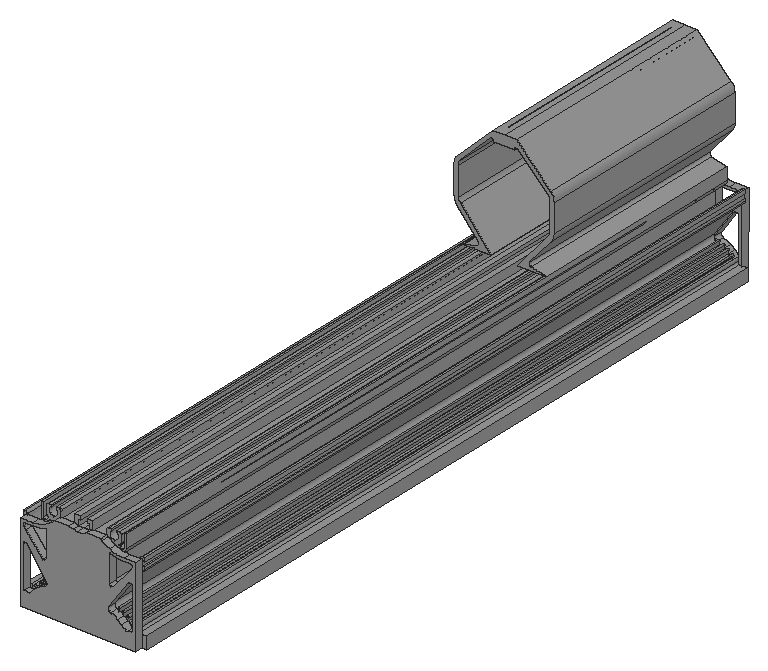
Revit family "L-street 24 Standart", category Осветительные приборы, Revit 2017 (continued)
Parameters (values of type "L-street 24 Standart 5.0K Ш3")
    4 5.1 4.8 4.6 4.1 3.2 2.8\r\n328.9 328.5 328.2 328.2 328.2 328.4 328.9 329.6 330.4 331.5 332.7 334 335.5 337.3 339.3 341.7 344.1 346.7 349.2 351.6 354.2 356.7 359.3 361.9 365 368.1 371.3 374.6 378.2 381.9 385.9 390.5 395.4 400.3 405.8 411.6 417.7 423.6 429 433.5 438.2 443.3 449.2 455.8 462.9 470.3 479 488.5 499.4 511.7 526 542.3 559.9 579.1 598.2 616.8 632.3 645.2 654.6 659.9 659.2 648.4 620.7 563.4 477.2 374.4 283.9 211.1 150.4 93 54.4 36.9 25.8 17.6 14 12.2 10.9 9.9 9.1 8.5 7.8 7.4 6.7 6.3 5.9 5.5 5.2 4.9 4.4 3.3 2.9\r\n328.9 328.5 328.3 328.3 328.5 328.8 329.3 330.1 331 332.2 333.4 334.8 336.4 338.2 340.3 342.5 344.9 347.4 350 352.6 355.1 357.6 360.2 362.9 365.9 368.9 372 375.3 378.8 382.5 386.5 391.1 396.3 401.6 407.5 413.8 420.8 427.5 433.8 439.1 444.6 450.3 457.4 465.6 474.8 485 496.5 508.6 522.2 536.9 552.8 569.8 587.4 606.2 625.2 644.8 662.4 678.1 690.6 700.2 705.2 700.9 677.7 619.9 527.1 411.5 307.8 226 157.1 93 55.9 38.9 27.5 18.9 14.9 13 11.6 10.5 9.8 9.1 8.4 7.9 7.2 6.7 6.2 5.8 5.5 5.2 4.6 3.4 2.9\r\n328.9 328.6 328.5 328.4 328.7 329.1 329.7 330.6 331.6 332.8 334.1 335.5 337.2 339.1 341.2 343.3 345.8 348.2 350.9 353.6 356.1 358.5 361.2 363.9 366.8 369.7 372.7 376 379.5 383.1 387.2 391.8 397.2 402.9 409.2 416.1 423.9 431.3 438.5 444.8 450.9 457.3 465.6 475.3 486.8 499.7 513.9 528.8 545.1 562 579.7 597.3 614.9 633.3 652.3 672.8 692.6 710.9 726.5 740.5 751.1 753.4 734.6 676.4 577.1 448.5 331.7 241 163.8 93.1 57.5 40.9 29.1 20.2 15.9 13.8 12.3 11.2 10.4 9.7 9 8.4 7.7 7.1 6.6 6.2 5.8 5.5 4.9 3.5 2.8\r\n328.9 328.6 328.5 328.6 328.9 329.3 330.1 331 332 333.3 334.7 336 337.9 339.8 342 344.3 347 349.4 352.1 355 357.6 360.1 362.8 365.6 368.5 371.5 374.5 377.7 381.2 384.8 388.9 393.5 398.8 404.6 411.1 418.5 426.6 434.3 441.8 448.1 454.5 461.5 470.8 481.7 494.7 509.3 525.6 543.2 562.8 583.2 605 627.4 649.8 673.3 697 721.2 744.1 764.1 778.2 783.6 777 755.4 714.5 642.8 541.4 421.1 315.5 229 151.8 86.9 55.2 38.9 27.8 20.1 16.2 14.2 12.6 11.6 10.7 10 9.3 8.6 8 7.4 6.8 6.4 6 5.7 5 3.6 2.9\r\n328.9 328.6 328.6 328.8 329.1 329.6 330.4 331.4 332.5 333.7 335.2 336.6 338.6 340.6 342.9 345.3 348.1 350.6 353.4 356.3 359 361.7 364.5 367.2 370.2 373.2 376.3 379.4 382.9 386.4 390.5 395.1 400.3 406.2 413.1 420.9 429.3 437.3 445 451.5 458 465.8 476 488.1 502.7 518.9 537.3 557.6 580.5 604.3 630.3 657.5 684.7 713.2 741.6 769.7 795.6 817.4 829.9 826.8 802.8 757.4 694.3 609.1 505.7 393.7 299.3 217 139.7 80.8 52.9 36.9 26.6 20 16.5 14.6 13 11.9 11.1 10.3 9.6 8.9 8.3 7.7 7.1 6.6 6.3 5.9 5.1 3.6 3\r\n328.9 328.7 328.8 328.9 329.3 330 330.8 331.9 333.1 334.4 336 337.6 339.6 341.7 344.2 346.7 349.5 352.1 355 357.9 360.7 363.5 366.4 369.2 372.3 375.3 378.4 381.5 385.1 388.8 393.1 397.8 403.2 409.1 416.2 424.2 432.7 440.8 448.6 454.7 460.9 468.4 478.4 490.1 504.2 519.7 537.4 557 579 602.2 627.4 653.9 680.8 709.8 739.9 771.3 801.5 829.4 850.7 859.9 847.5 808.1 741 643.7 528.7 412.9 318.2 234.4 150.2 84 54.9 37.9 27.2 20.8 17.3 15.2 13.5 12.4 11.5 10.7 10 9.3 8.6 7.9 7.3 6.9 6.5 6.1 5.3 3.8 3\r\n328.9 328.8 328.9 329 329.6 330.3 331.2 332.3 333.7 335.2 336.8 338.6 340.6 342.8 345.5 348.2 350.9 353.7 356.6 359.6 362.4 365.3 368.2 371.2 374.4 377.4 380.5 383.6 387.3 391.2 395.6 400.5 406 411.9 419.2 427.5 436 444.3 452.2 457.9 463.7 471 480.7 492.2 505.6 520.6 537.4 556.3 577.6 600 624.5 650.4 677 706.4 738.3 772.8 807.5 841.5 871.5 893.1 892.3 858.7 787.6 678.2 551.8 432 337.2 251.9 160.7 87.2 56.8 39 27.9 21.5 18 15.7 14.1 12.8 12 11.2 10.3 9.6 8.9 8.2 7.6 7.1 6.7 6.3 5.5 4 3.1\r\n328.9 329 329.5 330 330.7 331.9 333.2 334.6 336.2 338 339.8 341.8 344 346.5 349.2 352.1 354.9 357.8 360.7 363.6 366.4 369.2 372 374.9 377.8 380.7 383.9 387.3 391.1 395.4 400.3 405.6 411.7 418.6 427.2 436.3 444.8 452.4 459 464.7 471.7 481.1 492.7 506.6 522.4 540.2 559.7 581.7 605.8 631.5 658.1 685.9 714.5 745.8 778.3 812.3 846.4 879.2 904.3 916.2 905.6 859.1 774.4 661.5 532.7 402.1 293.1 196.3 120.8 68.8 45.8 31.7 22.8 18 15.4 13.6 12.3 11.3 10.5 9.8 9.1 8.5 7.9 7.3 6.9 6.5 6.1 5.5 4.3 3.3 2.9\r\n328.9 329.3 330.2 330.9 331.9 333.4 335.1 336.8 338.7 340.8 342.8 345 347.5 350.1 353 356 358.9 361.9 364.8 367.6 370.4 373.1 375.9 378.6 381.2 384 387.3 390.9 395 399.6 404.9 410.7 417.4 425.2 435.2 445.1 453.5 460.4 465.8 471.5 479.7 491.2 504.8 521 539.3 559.8 582 607.2 633.9 663 691.7 721.3 752.1 785.2 818.3 851.9 885.2 917 937 939.3 919 859.4 761.2 644.9 513.6 372.2 249 140.6 80.9 50.5 34.7 24.4 17.8 14.5 12.7 11.4 10.5 9.8 9.1 8.5 8 7.4 7 6.5 6.2 5.9 5.5 4.8 3.2 2.7 2.7\r\n328.9 329.4 330.2 331 332 333.4 335 336.7 338.6 340.6 342.6 344.7 347.1 349.6 352.4 355.2 358.1 360.9 363.6 366.2 368.8 371.4 374 376.6 379.2 382 385.3 388.8 392.6 397 402.2 407.8 414.4 421.9 431.2 440.5 448.4 454.9 460.4 466.2 474 484.8 497.7 513 530.2 549.4 569.9 593 617.3 643.5 669.5 695.9 722.8 751.4 780 808.5 835.6 860.9 877.7 881 869.3 832.1 763.8 664.3 532.5 377.6 247 136.9 77.5 48.8 34.8 24 17.1 14.1 12.4 11.1 10.2 9.6 8.9 8.3 7.8 7.2 6.8 6.3 6 5.7 5.4 4.7 3.1 2.7 2.7\r\n328.9 329.4 330.1 331 332.1 333.4 334.9 336.6 338.5 340.4 342.3 344.5 346.7 349.1 351.8 354.5 357.3 359.9 362.4 364.8 367.2 369.6 372.2 374.6 377.3 380.1 383.3 386.6 390.2 394.4 399.4 405 411.4 418.6 427.2 435.9 443.2 449.5 455 460.8 468.3 478.4 490.6 505 521.2 539.1 557.7 578.9 600.7 624.1 647.2 670.6 693.5 717.6 741.7 765.1 785.9 804.8 818.4 822.6 819.6 804.9 766.4 683.8 551.4 383.1 244.9 133.2 74 47.1 34.9 23.6 16.4 13.6 12.1 10.9 10 9.4 8.7 8.1 7.6 7 6.6 6.2 5.8 5.4 5.3 4.5 3 2.6 2.7\r\n328.9 329.4 330.2 331 332 333.3 334.7 336.2 338 339.7 341.5 343.5 345.5 347.8 350.3 353 355.7 358.2 360.7 363 365.4 367.8 370.3 372.8 375.5 378.3 381.5 384.8 388.6 392.8 397.6 403 409.3 416.1 424.2 432.5 439.5 445.4 450.6 455.9 462.5 471.1 481.3 493.2 506.3 520.8 536.2 553.5 571.6 591.3 611.2 631.8 652.8 675.7 698.9 722.2 742.8 761.3 775.1 781.3 780.2 768.4 735.8 659.6 539 387.4 258.5 153.6 86.2 51.2 36.2 25 17.1 13.6 12 10.8 9.8 9.2 8.5 8 7.4 6.9 6.5 6 5.7 5.4 5.1 4.5 3.1 2.7 2.7\r\n328.9 329.4 330.2 330.9 332 333.2 334.5 335.8 337.4 339.1 340.8 342.5 344.4 346.5 348.9 351.5 354.1 356.6 358.9 361.3 363.6 365.9 368.4 371 373.6 376.5 379.6 383.1 387 391.1 395.7 401 407.1 413.6 421.1 429 435.8 441.3 446.2 451 456.7 463.9 472 481.4 491.5 502.6 514.6 528.2 542.5 558.5 575.2 593 612 633.7 656.1 679.2 699.7 717.9 731.8 740 740.8 732 705.1 635.4 526.7 391.7 272.1 174 98.4 55.3 37.6 26.3 17.8 13.6 11.9 10.7 9.7 9 8.3 7.8 7.3 6.8 6.3 5.9 5.6 5.3 4.9 4.5 3.3 2.7 2.7\r\n328.9 329.5 330.3 331 332 333.1 334.2 335.5 337 338.5 340.1 341.6 343.4 345.3 347.5 350 352.5 354.9 357.3 359.6 361.8 364 366.3 368.6 371.2 373.8 376.8 380.1 383.8 387.6 392 396.7 402.2 408 414.6 421.4 427.4 432.1 436.2 439.9 444.1 449.8 456.5 464.2 472.4 481.7 492.1 504.3 517.4 532 547.1 562.9 578.6 594.9 610.3 625.2 636.8 644.4 646.8 642.2 628.3 601.4 558.5 487.4 398.1 300.5 218.4 153.5 97.9 57.3 37.8 25.4 16.7 12.7 11.3 10.1 9.1 8.4 7.8 7.3 6.8 6.4 5.9 5.5 5.2 4.9 4.6 4.3 3.2 2.7 2.7\r\n328.9 329.6 330.4 331 332 333 334 335.2 336.5 338 339.5 340.8 342.3 344.1 346.2 348.5 350.9 353.2 355.7 357.9 360.1 362.1 364.1 366.3 368.7 371.1 374 377.1 380.5 384.1 388.2 392.4 397.3 402.4 408 413.7 419 423 426.2 428.7 431.6 435.7 440.9 447 453.3 460.7 469.6 480.4 492.2 505.5 519.1 532.8 545.2 556 564.6 571.2 573.9 570.8 561.8 544.4 515.9 470.9 411.9 339.3 269.5 209.3 164.6 132.9 97.4 59.2 38 24.5 15.6 11.9 10.6 9.5 8.6 7.9 7.3 6.7 6.4 5.9 5.5 5.1 4.9 4.6 4.3 4 3 2.6 2.6\r\n328.9 329.6 330.3 330.9 331.7 332.6 333.5 334.6 335.8 337.1 338.4 339.6 341 342.5 344.5 346.6 348.8 351.1 353.5 355.6 357.6 359.4 361.2 363.2 365.5 367.9 370.6 373.6 377 380.4 384 387.7 391.8 395.9 400.4 404.8 409 412.2 414.8 416.7 419.1 422.5 426.9 432.4 438.2 444.8 451.8 459.6 467.6 476.2 484.4 492.1 497.8 501.1 501.5 498.2 489.1 471.8 446.9 414.5 377.6 335.3 291 243.7 199.4 161.3 132.5 111.4 88.8 60 38.2 24.5 15.5 11.5 10.1 9.1 8.1 7.4 6.8 6.3 5.9 5.6 5.2 4.8 4.5 4.3 4.1 3.8 3 2.6 2.6\r\n328.9 329.6 330.2 330.8 331.5 332.2 333 334 335.1 336.2 337.4 338.4 339.6 341 342.7 344.6 346.8 349 351.2 353.2 355.2 356.8 358.4 360.1 362.3 364.7 367.2 370.2 373.4 376.6 379.9 382.9 386.3 389.4 392.8 395.9 399 401.5 403.4 404.8 406.6 409.3 413 417.7 423.2 428.9 434.1 438.8 443 446.9 449.6 451.3 450.4 446.3 438.5 425.2 404.4 372.8 332.1 284.5 239.3 199.8 170 148 129.3 113.3 100.4 90 80.2 60.7 38.4 24.6 15.5 11.1 9.6 8.7 7.7 6.9 6.3 5.9 5.5 5.2 4.9 4.5 4.2 4 3.8 3.6 2.9 2.7 2.6\r\n328.9 329.6 330.1 330.7 331.3 331.9 332.7 333.7 334.6 335.6 336.6 337.5 338.6 339.9 341.4 343.2 345.2 347.2 349.1 350.9 352.7 354.2 355.8 357.6 359.7 362.1 364.5 367.1 369.7 372.2 374.7 377.2 379.9 382.5 385.1 387.6 390 392.2 394 395.5 397.2 398.9 400.9 403.2 405.8 408.1 409.5 410 409.2 407 401.9 393.5 379.6 360.7 338.2 313.8 287.4 259.5 230.5 200.1 171.3 146.3 126.5 111.3 98.3 88 80.3 73.6 62.6 45.5 29.8 19.7 12.9 9.9 8.7 7.8 6.9 6.3 5.7 5.3 5 4.7 4.4 4.1 3.8 3.6 3.4 3.1 2.7 2.6 2.5\r\n328.9 329.6 330 330.5 331 331.7 332.4 333.3 334.1 335 335.7 336.6 337.5 338.9 340.2 341.7 343.6 345.5 347 348.7 350.2 351.6 353.2 355.1 357.2 359.5 361.8 364 366 367.9 369.5 371.4 373.5 375.5 377.4 379.4 381.1 382.8 384.6 386.2 387.8 388.6 388.8 388.6 388.5 387.4 384.9 381.1 375.4 367.2 354.2 335.6 308.8 275.2 237.8 202.4 170.4 146.1 128.9 115.6 103.3 92.8 83 74.7 67.3 62.7 60.1 57.1 45.1 30.4 21.1 14.9 10.4 8.8 7.8 6.9 6.2 5.6 5.1 4.8 4.5 4.1 3.9 3.7 3.5 3.3 3.1 2.7 2.5 2.5 2.5\r\n328.9 329.5 329.8 330.3 330.6 331.2 331.7 332.4 333 333.7 334.2 334.8 335.4 336.4 337.3 338.6 340.1 341.7 343.1 344.6 346.1 347.4 348.8 350.3 352 353.8 355.5 357.1 358.6 360 361.2 362.3 363.6 365 366.4 368.1 369.5 370.4 370.9 370.8 370.5 369.4 367.5 364.9 361.4 356.8 349.7 339.5 325 306.7 283.4 257 228.1 199.7 172.9 149.4 128.6 112.2 99.6 89.2 79.7 71.9 64.6 58.5 52.9 49.3 46.4 42.2 33.6 24.5 18.4 13.7 10.1 8.5 7.6 6.7 6 5.3 4.8 4.5 4.3 3.9 3.7 3.5 3.3 3.1 3 2.6 2.4 2.4 2.4\r\n328.9 329.4 329.7 330 330.2 330.6 331 331.5 332 332.4 332.7 332.9 333.3 333.9 334.5 335.5 336.6 337.9 339.3 340.6 341.9 343.2 344.4 345.6 346.8 348.1 349.2 350.3 351.3 352.1 352.9 353.2 353.7 354.4 355.4 356.8 357.8 358 357.2 355.5 353.3 350.3 346.3 341.1 334.4 326.1 314.5 297.9 274.7 246.3 212.5 178.4 147.3 124.1 108 96.4 86.8 78.2 70.2 62.8 56.2 50.9 46.3 42.4 38.6 35.9 32.7 27.2 22.1 18.6 15.6 12.5 9.8 8.3 7.4 6.5 5.8 5.1 4.6 4.2 4.1 3.8 3.5 3.4 3.2 3 2.9 2.5 2.3 2.4 2.4\r\n328.9 329.4 329.6 329.8 330 330.2 330.4 330.7 330.9 331.1 331.2 331.3 331.4 331.6 332 332.8 333.6 334.8 335.8 337 338 339 339.9 340.7 341.5 342.3 343 343.7 344.2 344.5 344.8 344.9 345.1 345.2 345.2 345.4 345.1 344 342.1 339.1 334.9 329.9 323.6 315.4 304.1 289.5 270.1 246.3 218.3 189.8 161.8 137.2 116 100.1 88.3 79.2 71.4 64.3 57.9 52.2 47.2 43.1 39.5 36.3 33 30.2 27.2 23.3 19.6 16.9 14.4 11.8 9.5 8.3 7.4 6.6 5.8 5.1 4.5 4.1 3.9 3.6 3.4 3.3 3.1 2.9 2.8 2.5 2.3 2.3 2.4\r\n328.9 329.4 329.6 329.7 329.7 329.7 329.8 329.9 329.9 329.9 329.8 329.7 329.4 329.3 329.6 330 330.6 331.6 332.4 333.3 334.1 334.8 335.4 335.7 336.1 336.4 336.8 337 337.1 336.9 336.8 336.5 336.5 336.1 335 333.9 332.3 330.1 327 322.6 316.6 309.6 301 289.7 273.8 252.8 225.7 194.7 161.9 133.3 111 96 84.7 76.1 68.6 62 56 50.4 45.5 41.6 38.2 35.3 32.8 30.2 27.3 24.4 21.7 19.4 17.2 15.2 13.1 11 9.3 8.2 7.4 6.7 5.8 5.1 4.4 3.9 3.8 3.5 3.4 3.2 3 2.9 2.8 2.5 2.2 2.3 2.4\r\n328.9 329.3 329.4 329.4 329.3 329.2 329 328.9 328.7 328.5 328.2 327.9 327.5 327.2 327.2 327.5 327.9 328.5 329.1 329.6 330 330.3 330.4 330.6 330.7 330.8 330.8 330.7 330.4 330 329.4 328.5 327.5 326 324.1 321.7 318.8 314.9 310.1 304 296 286 272.6 255.5 233.2 207 178.6 151.5 126.8 106.9 91.5 80.4 71.6 64.3 58 52.5 47.6 43.4 39.8 36.8 34.2 31.8 29.5 27.1 24.8 22.5 20.3 18.4 16.5 14.8 13.1 11.5 9.9 8.6 7.6 6.8 6 5.3 4.5 4 3.7 3.5 3.3 3.1 2.9 2.8 2.7 2.5 2.2 2.2 2.3\r\n328.9 329.3 329.2 329.1 328.8 328.6 328.2 328 327.6 327.1 326.6 326.1 325.5 325.2 324.9 325 325.1 325.4 325.7 325.8 325.9 325.7 325.4 325.4 325.3 325.2 324.8 324.4 323.8 323 322.1 320.5 318.5 316 313.1 309.5 305.4 299.8 293.2 285.4 275.5 262.4 244.2 221.4 192.6 161.2 131.4 108.3 91.8 80.6 72 64.9 58.4 52.6 47.4 43 39.3 36.3 34 32.1 30.3 28.3 26.1 24.1 22.3 20.7 18.9 17.3 15.8 14.4 13.1 11.9 10.5 8.9 7.8 7 6.2 5.5 4.7 4 3.6 3.4 3.2 3.1 2.9 2.7 2.6 2.4 2.3 2.1 2.2\r\n328.9 329.2 329.1 328.9 328.5 328.1 327.6 327.1 326.5 325.8 325 324.2 323.5 322.9 322.5 322.3 322.2 322.1 322 321.7 321.1 320.5 319.8 319.4 319 318.6 318.3 318 317.4 316.3 314.8 312.5 309.6 306 301.6 296.4 290.5 283 273.9 262.7 247.9 229.2 205.3 179.3 152 127.2 106.1 90 78 69.4 62.5 56.6 51.2 46.4 42.2 38.8 35.9 33.6 31.7 29.9 28.2 26.4 24.5 22.9 21.5 20.1 18.6 17.3 16.1 14.8 13.7 12.7 11.6 10.2 8.7 7.5 6.6 5.9 5 4.3 3.7 3.4 3.2 3 2.9 2.7 2.6 2.4 2.2 2.1 2.2\r\n328.9 329.2 329 328.7 328.2 327.6 326.9 326.2 325.4 324.4 323.3 322.2 321.4 320.7 320.1 319.6 319.2 318.9 318.4 317.5 316.4 315.2 314.1 313.3 312.6 312.1 311.8 311.6 311 309.7 307.4 304.5 300.7 295.9 290.2 283.3 275.6 266.1 254.6 240 220.4 195.9 166.4 137.2 111.4 93.3 80.7 71.7 64.3 58.2 53 48.3 43.9 40.2 37.1 34.6 32.6 31 29.4 27.8 26.1 24.4 22.9 21.8 20.7 19.5 18.4 17.3 16.4 15.3 14.4 13.5 12.7 11.5 9.6 8 7 6.2 5.3 4.5 3.8 3.4 3.1 2.9 2.9 2.7 2.6 2.4 2.2 2.1 2.1\r\n328.9 329.1 328.9 328.5 327.9 327.2 326.4 325.6 324.6 323.3 322 320.8 319.8 318.9 318.2 317.5 316.8 316.1 315.1 313.9 312.4 310.9 309.5 308.4 307.3 306.4 305.9 305.3 304.4 302.7 300.3 297.2 293.3 288 281.6 274 265.3 254.3 240.7 223.1 200.5 173.9 145 119.4 98.6 84.1 73.5 65.7 59.1 54 49.5 45.3 41.5 38.2 35.5 33.3 31.4 29.8 28.2 26.6 25.1 23.6 22.2 21.1 20.2 19.3 18.5 17.7 16.9 16 15.1 14.3 13.5 12.5 11.1 9.6 7.9 6.6 5.7 4.9 4.1 3.5 3.2 2.9 2.8 2.7 2.6 2.4 2.2 2.1 2.1\r\n328.9 329.1 328.8 328.3 327.6 326.8 325.8 324.9 323.7 322.1 320.6 319.3 318.2 317 316.2 315.3 314.4 313.3 311.9 310.3 308.3 306.6 305 303.4 302 300.8 300 299.1 297.7 295.7 293.1 289.8 285.8 280.1 273 264.6 254.9 242.5 226.9 206.2 180.6 151.8 123.5 101.5 85.7 74.9 66.3 59.6 54 49.7 45.9 42.3 39 36.3 34 31.9 30.2 28.6 27 25.5 24.1 22.7 21.5 20.5 19.7 19.1 18.6 18 17.3 16.6 15.8 15 14.3 13.4 12.5 11.1 8.7 7.1 6.1 5.3 4.4 3.5 3.2 2.9 2.8 2.7 2.6 2.4 2.2 2.1 2\r\n328.9 329 328.7 328.1 327.3 326.4 325.3 324.1 322.7 320.9 319.1 317.6 316.3 315.1 313.9 312.8 311.5 309.9 307.9 305.7 303.5 301.4 299.5 297.5 295.7 294.2 292.6 290.6 288.1 285 281.6 277.4 272.1 265.3 257.3 247.5 235.5 219.7 200.5 176.6 150.6 125.6 104.1 88.2 76.4 67.6 60.4 54.7 50.1 46.5 43.3 40.4 37.5 35.2 33 31.1 29.4 28 26.4 25 23.6 22.4 21.1 20.3 19.8 19.2 18.7 18 17.3 16.6 15.9 15.5 15 14.4 13.9 12.8 11 9.1 7.1 5.8 4.8 3.9 3.3 3 2.8 2.7 2.6 2.4 2.2 2 2\r\n328.9 328.9 328.5 327.8 327 326 324.7 323.4 321.7 319.7 317.6 315.9 314.5 313.1 311.6 310.2 308.6 306.4 303.9 301.2 298.6 296.2 294 291.5 289.5 287.6 285.2 282.1 278.4 274.4 270.2 265 258.4 250.5 241.6 230.5 216 196.9 174.1 147 120.5 99.5 84.7 74.9 67 60.3 54.4 49.8 46.1 43.3 40.8 38.5 36.1 34 32 30.2 28.6 27.3 25.9 24.5 23.1 22 20.8 20.1 19.8 19.3 18.8 18 17.2 16.6 16.1 15.9 15.7 15.4 15.2 14.6 13.2 11.1 8.1 6.3 5.2 4.2 3.4 3 2.8 2.7 2.6 2.4 2.2 1.9 2\r\n328.9 328.9 328.5 327.7 326.8 325.6 324.3 322.8 320.9 318.7 316.5 314.6 312.9 311.3 309.7 307.9 305.7 303.1 300.1 297.1 294.1 291.4 288.9 286.5 284.2 281.7 278.6 274.9 270.7 266.1 260.9 254.6 247 238.2 228 214.8 198.1 176.2 151.4 125.6 103.6 87.8 76.3 68 61 55.2 50.3 46.6 43.7 41.5 39.4 37.3 35.1 33.1 31.3 29.7 28.2 27.1 25.8 24.6 23.2 22.1 21 20.3 19.9 19.4 19 18.3 17.7 17.1 16.5 16.2 16.1 15.8 15.4 14.6 13.5 11.9 9.7 7.9 5.9 4.6 3.8 3.2 2.8 2.7 2.5 2.4 2.2 2 2\r\n328.9 328.9 328.4 327.6 326.6 325.3 323.9 322.1 320.2 317.7 315.5 313.3 311.3 309.6 307.8 305.5 302.9 299.7 296.3 292.9 289.7 286.5 283.8 281.4 278.9 275.8 272.1 267.7 263 257.7 251.6 244.2 235.6 225.9 214.3 199.1 180.2 155.6 128.7 104.2 86.8 76 67.9 61.1 55 50 46.2 43.4 41.2 39.6 38 36.2 34.2 32.2 30.6 29.2 27.9 26.8 25.7 24.6 23.4 22.3 21.2 20.5 20 19.6 19.2 18.7 18.2 17.5 16.9 16.6 16.6 16.2 15.6 14.7 13.8 12.6 11.3 9.5 6.7 5 4.1 3.3 2.9 2.6 2.5 2.3 2.1 2 2\r\n328.9 328.9 328.4 327.5 326.4 325.1 323.6 321.7 319.6 317.1 314.7 312.3 310.2 308.2 306.1 30
    3.5 300.4 296.8 293 289.3 285.8 282.4 279.6 276.9 274.1 270.5 266.3 261.4 256.2 250.1 243.2 235.1 226 215.2 202.2 185.4 164.9 140.2 115.8 95.1 80.7 71.6 64.3 57.9 52.3 47.8 44.6 42.2 40.4 39 37.5 35.7 33.8 31.9 30.4 29.1 27.9 26.8 25.6 24.5 23.5 22.5 21.6 20.9 20.4 20 19.7 19.3 18.7 17.9 17.1 16.4 16.1 15.7 15.1 14.4 13.4 12 10.7 9.2 7.3 5.8 4.5 3.6 3 2.7 2.4 2.3 2.1 2 2\r\n328.9 328.9 328.4 327.4 326.2 324.9 323.3 321.3 319 316.4 313.9 311.3 309 306.8 304.4 301.5 297.9 293.8 289.8 285.7 281.9 278.3 275.3 272.4 269.3 265.2 260.5 255.1 249.3 242.6 234.8 226.1 216.3 204.5 190.1 171.6 149.6 124.8 102.9 85.9 74.6 67.1 60.6 54.8 49.6 45.7 42.9 41 39.6 38.4 37 35.3 33.4 31.7 30.2 29 27.9 26.8 25.5 24.4 23.6 22.6 21.9 21.3 20.7 20.4 20.3 20 19.3 18.3 17.3 16.3 15.6 15.2 14.6 14 13 11.4 10.1 9 8 6.6 5 3.8 3.1 2.7 2.4 2.3 2.1 1.9 1.9\r\n328.9 328.9 328.2 327.1 325.9 324.5 322.8 320.6 318.3 315.7 313.1 310.5 308 305.6 302.9 299.6 295.7 291.3 287 282.6 278.7 275.2 272.2 269.1 265.7 261.3 256.3 250.5 244.3 237 228.7 219.3 208.6 195.5 179.4 159.1 136 112.5 93.6 79.8 70.4 63.7 57.4 51.9 47.3 44.1 41.9 40.3 39 37.9 36.5 34.9 33.1 31.6 30.2 28.9 27.6 26.4 25.3 24.4 23.6 23 22.6 22.3 22.1 21.9 21.5 20.7 19.8 18.7 17.6 16.5 15.6 14.8 13.9 13.2 12.1 10.9 9.8 8.8 7.7 6.5 5.2 4 3.1 2.7 2.4 2.3 2.1 1.9 1.9\r\n328.9 328.8 328 326.8 325.5 324.1 322.3 320 317.6 314.9 312.2 309.6 307 304.3 301.4 297.6 293.5 288.8 284.2 279.5 275.5 272 269 265.9 262 257.3 252 245.8 239.2 231.4 222.7 212.6 201 186.6 168.7 146.5 122.3 100.1 84.4 73.6 66.3 60.4 54.3 48.9 44.9 42.4 40.8 39.5 38.4 37.3 35.9 34.5 32.8 31.5 30.3 28.7 27.3 26.1 25.2 24.3 23.7 23.4 23.2 23.4 23.4 23.3 22.6 21.5 20.3 19.1 17.8 16.7 15.6 14.4 13.2 12.3 11.3 10.5 9.6 8.6 7.5 6.4 5.4 4.1 3.2 2.6 2.4 2.2 2.1 1.9 1.9\r\n328.9 328.8 328 326.8 325.6 324 322.1 319.8 317.3 314.6 311.8 309.2 306.4 303.5 300.2 296.1 291.6 286.6 281.7 276.8 272.7 269.1 266.1 262.7 258.6 253.5 248 241.7 234.8 226.8 217.9 207.5 195.5 180.5 162.1 139.5 116 95.4 81.2 71.4 64.5 58.7 52.6 47.6 44.1 42 40.5 39.4 38.3 37.2 35.9 34.6 33.2 31.7 30.3 28.8 27.5 26.4 25.5 24.9 24.6 24.5 24.4 24.3 24.2 23.9 23.2 22.2 20.9 19.6 18.3 17.1 15.9 14.7 13.7 12.8 11.8 10.8 9.9 8.8 7.8 6.7 5.7 4.6 3.5 2.8 2.5 2.2 2.1 1.9 1.9\r\n328.9 328.8 328 326.8 325.6 323.9 321.9 319.6 317 314.2 311.4 308.7 305.8 302.6 299 294.5 289.6 284.3 279.2 274.1 269.9 266.3 263.1 259.5 255.2 249.8 244 237.6 230.5 222.2 213.2 202.5 190.1 174.5 155.5 132.5 109.6 90.7 78 69.1 62.8 57 50.9 46.2 43.3 41.5 40.3 39.3 38.3 37.1 36 34.8 33.6 31.9 30.3 28.9 27.7 26.6 25.9 25.5 25.4 25.6 25.5 25.2 24.9 24.4 23.8 22.8 21.6 20.2 18.7 17.4 16.1 15 14.1 13.3 12.3 11.2 10.2 9 8 6.9 6 5.1 3.8 3 2.5 2.2 2.1 1.9 1.9\r\n328.9 328.9 328.2 327.1 325.7 324 322.1 319.8 317.3 314.4 311.6 308.9 305.9 302.7 299 294.5 289.5 284.1 278.8 273.5 269 265.2 261.9 258.1 253.6 248.1 242.1 235.5 228.2 219.8 210.5 199.7 186.9 170.9 151.6 128.7 106.5 88.7 77 68.5 62.4 56.6 50.7 46.1 43.2 41.6 40.4 39.5 38.4 37.3 36.1 35 33.7 32 30.4 29 27.9 27 26.4 26.2 26.3 26.2 25.7 25.3 24.9 24.5 23.9 23 21.7 20.3 18.8 17.4 16.1 15.1 14.2 13.3 12.2 11.2 10.1 8.9 7.8 6.6 5.5 4.6 3.7 3 2.6 2.2 2.1 1.9 1.9\r\n328.9 328.9 328.4 327.3 325.8 324.1 322.3 320 317.5 314.7 311.9 309.1 306.1 302.8 299 294.4 289.4 283.8 278.3 272.9 268.2 264.1 260.6 256.7 252 246.4 240.3 233.4 226 217.4 207.9 196.8 183.7 167.4 147.8 124.9 103.3 86.7 75.9 67.9 62 56.3 50.4 46 43.1 41.6 40.5 39.7 38.5 37.5 36.3 35.3 33.8 32.1 30.5 29.2 28.1 27.3 26.9 27 27.1 26.8 26 25.4 25 24.6 24 23.1 21.9 20.4 18.9 17.3 16.1 15.2 14.2 13.2 12.2 11.1 9.9 8.8 7.7 6.3 5 4.1 3.5 3 2.6 2.3 2.1 1.9 1.9\r\n328.9 328.8 328 326.9 325.4 323.7 321.8 319.4 316.9 314 311.2 308.4 305.4 302 298.2 293.5 288.4 282.7 277.2 271.7 267 263.1 259.6 255.6 250.7 244.9 238.7 231.9 224.4 215.9 206.4 195.2 181.8 165.1 144.9 121.7 100.3 84.5 74.4 66.8 61 55.1 49.4 45.3 42.7 41.4 40.3 39.4 38.3 37.2 36.1 35 33.4 31.6 30.1 28.9 27.8 27.2 27 27.1 27.1 26.6 25.8 25.2 24.9 24.6 23.9 23 21.8 20.3 18.7 17.2 15.9 14.9 14 13.1 12 11 9.7 8.5 7.3 6.1 4.7 4 3.4 2.9 2.5 2.2 2.1 2 1.9\r\n328.9 328.6 327.7 326.6 325.1 323.3 321.3 318.9 316.3 313.4 310.6 307.8 304.7 301.3 297.4 292.6 287.4 281.7 276 270.5 265.9 262.1 258.5 254.5 249.5 243.5 237.2 230.3 222.8 214.3 204.9 193.6 179.9 162.7 142.1 118.4 97.2 82.4 73 65.8 59.9 54 48.4 44.5 42.3 41.1 40.1 39.2 38 36.9 35.9 34.7 32.9 31.1 29.8 28.5 27.6 27.1 27.1 27.3 27 26.5 25.6 25 24.8 24.6 23.9 23 21.7 20.2 18.5 17.1 15.8 14.7 13.9 12.9 11.8 10.8 9.4 8.2 7 5.8 4.5 3.9 3.2 2.8 2.4 2.2 2 2 1.9\r\n"
  built-in parameter 1150133 = 10 (stored number, unit not read)
  Wattage = 28.9884 W
  built-in parameter 1150139 = (empty or 0)
  Классификация нагрузок = Освещение
  built-in parameter 1150138 = (empty or 0)
  built-in parameter 1150107 = 5000 (stored number, unit not read)
  built-in parameter 1150102 = (empty or 0)
  Артикул = "310010"
Reference planes
  plane 1 "По центру (Вперед/Назад)": y = 0
  plane 2: z = 0
  plane 3 "По центру (Влево/Вправо)": x = 0
  plane 4: z = 0
  plane 5 "Центр": x = 0
  plane 6 "Для крышки": x = -501.5
  plane 7 "Для крышки "": y = 501.5
  plane 8 "Для переходника": y = 519.5
  plane 9 "Полость справа": y = -519.5
Forms (mm)
  Extrusion 1, solid, material "Алюминий"
    sketch origin (0, 0, 18.204) x (0, 0, -1) y (-1, 0, 0)
      loop
        line (-40, 0) -> (-40, -3.9) -> (-43.997, -3.9) -> (-43.997, -2.437) -> (-45.997, -2.437) -> (-45.997, -5.937) -> (-40, -5.937) -> (-40, -15.337) -> (-44.704, -15.337)
        arc (-44.704, -15.337) -> (-45.618, -15.715) -> (-45.997, -16.629) r 1.292
        line (-45.997, -16.629) -> (-45.997, -18.584) -> (-44.795, -18.584)
        arc (-44.795, -18.584) -> (-39.695, -20.307) -> (-44.911, -21.637) r 2.807
        line (-44.911, -21.637) -> (-45.997, -21.637) -> (-45.997, -23.52)
        arc (-45.997, -23.52) -> (-45.611, -24.451) -> (-44.68, -24.837) r 1.316
        line (-44.68, -24.837) -> (-40, -24.837)
        arc (-40, -24.837) -> (-39.064, -24.548) -> (-38.453, -23.784) r 1.662
        arc (-38.453, -23.784) -> (-38.007, -23.392) -> (-37.429, -23.526) r 0.649
        line (-37.429, -23.526) -> (-36.119, -24.837)
        arc (-36.119, -24.837) -> (-35.836, -26.397) -> (-37.197, -27.21) r 1.392
        line (-37.197, -27.21) -> (-45.997, -27.21) -> (-45.997, -28.21) -> (-37.226, -28.21)
        arc (-37.226, -28.21) -> (-34.917, -26.793) -> (-35.412, -24.129) r 2.392
        line (-35.412, -24.129) -> (-36.722, -22.819)
        arc (-36.722, -22.819) -> (-35.361, -20.286) -> (-32.5, -20) r 3.06
        line (-32.5, -20) -> (-16.2, -20)
        arc (-16.2, -20) -> (-13.854, -21.637) -> (-14.58, -24.404) r 2.5
        line (-14.58, -24.404) -> (-28.098, -35.904)
        arc (-28.098, -35.904) -> (-31.33, -37.307) -> (-34.826, -37.742) r 12.359
        arc (-34.826, -37.742) -> (-35.928, -38.18) -> (-36.386, -39.273) r 1.531
        line (-36.386, -39.273) -> (-36.386, -40.542) -> (-33.886, -40.542) -> (-33.886, -39.308) -> (-30.84, -39.308) -> (-30.84, -40.542) -> (-29.412, -40.542)
        arc (-29.412, -40.542) -> (-28.687, -40.242) -> (-28.386, -39.517) r 1.025
        line (-28.386, -39.517) -> (-28.386, -38.542)
        arc (-28.386, -38.542) -> (-27.946, -37.591) -> (-27.206, -36.849) r 3
        line (-27.206, -36.849) -> (-2.918, -19.842)
        arc (-2.918, -19.842) -> (0.126, -19.584) -> (1.857, -22.1) r 3.04
        line (1.857, -22.1) -> (-0.402, -22.919)
        arc (-0.402, -22.919) -> (-0.684, -23.515) -> (-0.089, -23.801) r 0.468
        line (-0.089, -23.801) -> (2.436, -23.171)
        arc (2.436, -23.171) -> (2.855, -24.026) -> (3.314, -24.86) r 20
        line (3.314, -24.86) -> (0.896, -25.771)
        arc (0.896, -25.771) -> (0.639, -26.346) -> (1.218, -26.597) r 0.443
        line (1.218, -26.597) -> (4.092, -26.09)
        arc (4.092, -26.09) -> (4.656, -26.874) -> (5.258, -27.63) r 20
        line (5.258, -27.63) -> (2.914, -28.459)
        arc (2.914, -28.459) -> (2.615, -29.11) -> (3.275, -29.39) r 0.5
        line (3.275, -29.39) -> (6.186, -28.665)
